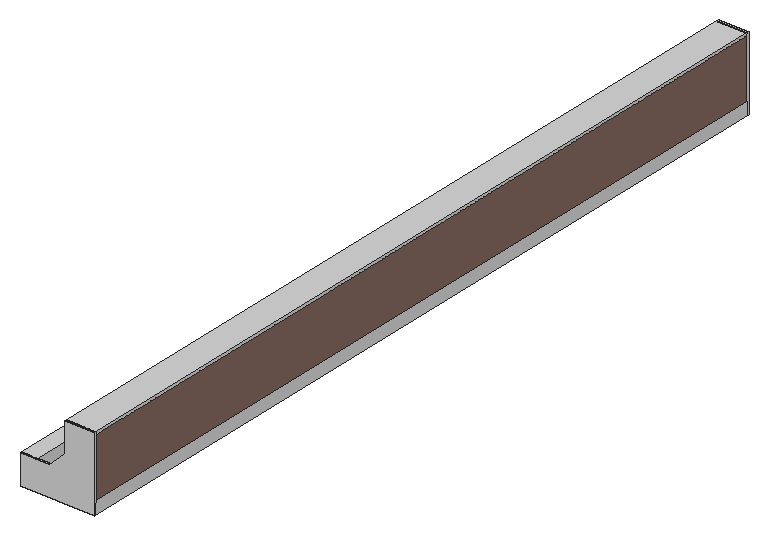
Revit family "ORMA_ORMA INSIDE CORNER 3,3_1908271", category Generic Models, Revit 2018
Family settings
  Can host rebar = No
  Round Connector Dimension = Use Diameter
  Part Type = Normal
  OmniClass Number = 35.51.14.00
  OmniClass Title = FORMWORK
  Work Plane-Based = Yes
  Always vertical = No
  Cut with Voids When Loaded = No
  Shared = Yes
  Room Calculation Point = No
Parameters
  VERSION = "20190101"  # constant formula
  URL = "www.ulmaconstruction.com/en"
  UNICLASS = ""
  ITEM_CODE = "1908271"
  Manufacturer = "ULMA CONSTRUCTION"  # constant formula
  FILTER [instance] = ""
  Default Elevation = 0.000 mm
  CLASSIFICATION_TITLE = ""
  CLASSIFICATION_NUMBER = ""
Reference planes
  plane 1 "Centro (Frontal/Posterior)": y = 0
  plane 2: z = 0
  plane 3 "Centro (Izquierda/Derecha)": x = 0
  plane 4 "ITEM_HEIGHT": y = 3300
  plane 5 "TIE HOLE 2": y = 2140
  plane 6 "TIE HOLE 1": y = 560
  plane 7: x = -227
  plane 8 "EXT HOLE 1": y = 450
  plane 9 "EXT HOLE 2": y = 1050
  plane 10 "EXT HOLE 3": y = 1650
  plane 11 "EXT HOLE 4": y = 2250
  plane 12 "EXT HOLE 5": y = 2850
  plane 13 "TIE HOLE 3": y = 3266
  plane 14 "LEFT TIES": x = -271.5
  plane 15 "RIGHT TIES": z = 271.5
  plane 16 "LEFT RIB HOLES": x = -180
  plane 17 "RIGHT RIB HOLES": z = 180
Forms (mm)
  Extrusion 1, solid, material "ULMA ZINC", detail levels fine
    sketch origin (-300, 0, 0.001) x (1, 0, 0) y (0, 0, 1)
      loop
        line (11.2, 20.001) -> (65, 20.001) -> (64.999, 26.501)
        arc (64.999, 26.501) -> (63.974, 28.976) -> (61.499, 30.001) r 3.5
        line (61.499, 30.001) -> (54.999, 30.001)
        arc (54.999, 30.001) -> (53.231, 30.733) -> (52.499, 32.501) r 2.5
        line (52.499, 32.501) -> (52.499, 48.039)
        arc (52.499, 48.039) -> (52.915, 49.421) -> (54.025, 50.344) r 2.504
        line (54.025, 50.344) -> (61.342, 53.448)
        arc (61.342, 53.448) -> (64.002, 55.66) -> (65, 58.973) r 6.001
        line (65, 58.973) -> (65, 120) -> (0, 120) -> (0, 0) -> (11.2, 0) -> (11.2, 20.001)
    from -3292 to -8
  Extrusion 2, solid, material "ULMA ZINC", detail levels fine
    sketch origin (-0.001, 0, 300) x (0, 0, -1) y (1, 0, 0)
      loop
        line (11.2, -20.001) -> (11.2, 0) -> (0, 0) -> (0, -120) -> (65, -120) -> (65, -58.973)
        arc (65, -58.973) -> (64.002, -55.66) -> (61.342, -53.448) r 6.001
        line (61.342, -53.448) -> (54.025, -50.344)
        arc (54.025, -50.344) -> (52.915, -49.421) -> (52.499, -48.039) r 2.504
        line (52.499, -48.039) -> (52.499, -32.501)
        arc (52.499, -32.501) -> (53.231, -30.733) -> (54.999, -30.001) r 2.5
        line (54.999, -30.001) -> (61.499, -30.001)
        arc (61.499, -30.001) -> (63.974, -28.976) -> (64.999, -26.501) r 3.5
        line (64.999, -26.501) -> (65, -20.001) -> (11.2, -20.001)
    from -3292 to -8
  Extrusion 3, solid, material "ULMA ZINC", detail levels fine
    sketch origin (0, 0, 0) x (1, 0, 0) y (0, 0, 1)
      loop
        line (-75, 20) -> (-50, 20) -> (-50, 0) -> (0, 0) -> (0, 50) -> (-20.001, 50) -> (-20.001, 75) -> (-23.001, 75) -> (-23.001, 47) -> (-3, 47) -> (-3, 3) -> (-47, 3) -> (-47, 23) -> (-75, 23) -> (-75, 20)
    from -3292 to -8
  Extrusion 4, solid, material "ULMA PLYWOOD", detail levels fine
    sketch origin (0, 0, 0) x (1, 0, 0) y (0, 0, 1)
      loop
        line (-288.8, 20.003) -> (-288.8, 0) -> (-50, 0) -> (-50, 20.003) -> (-288.8, 20.003)
    from -3292 to -8
  Extrusion 5, solid, material "ULMA PLYWOOD", detail levels fine
    sketch origin (0, 0, 0) x (1, 0, 0) y (0, 0, 1)
      loop
        line (-20.001, 50) -> (-0.001, 50) -> (-0.001, 288.8) -> (-20.001, 288.8) -> (-20.001, 50)
    from -3292 to -8
  Extrusion 6, solid, material "ULMA ZINC", detail levels fine
    sketch origin (0, 0, 0) x (1, 0, 0) y (0, 0, 1)
      loop
        line (-120, 300) -> (-120, 180) -> (-180, 120) -> (-300, 120) -> (-300, 0) -> (-0.001, 0) -> (-0.001, 300) -> (-120, 300)
    from -8 to 0
  Extrusion 7, solid, material "ULMA ZINC", detail levels fine
    sketch origin (0, 600, 0) x (1, 0, 0) y (0, 0, 1)
      loop
        line (-120, 300) -> (-120, 180) -> (-180, 120) -> (-300, 120) -> (-300, 0) -> (-0.001, 0) -> (-0.001, 300) -> (-120, 300)
    from -2700 to -2692
  Extrusion 8, solid, material "ULMA ZINC", detail levels fine
    sketch origin (0, 0, 0) x (1, 0, 0) y (0, 0, 1)
      loop
        line (-235, 120.001) -> (-235, 20.001) -> (-75, 20.001) -> (-75, 23) -> (-45.001, 23) -> (-45.001, 45.001) -> (-23.001, 45.001) -> (-23.001, 75) -> (-20.001, 75) -> (-20.001, 235.001) -> (-120.001, 235.001) -> (-120.001, 120.001) -> (-235, 120.001)
    from -330 to -270
  Extrusion 9, solid, material "ULMA ZINC", detail levels fine
    sketch origin (0, 300, 0) x (1, 0, 0) y (0, 0, 1)
      loop
        line (-235, 120.001) -> (-235, 20.001) -> (-75, 20.001) -> (-75, 23) -> (-45.001, 23) -> (-45.001, 45.001) -> (-23.001, 45.001) -> (-23.001, 75) -> (-20.001, 75) -> (-20.001, 235.001) -> (-120.001, 235.001) -> (-120.001, 120.001) -> (-235, 120.001)
    from -330 to -270
  Extrusion 10, solid, material "ULMA ZINC", detail levels fine
    sketch origin (0, 600, 0) x (1, 0, 0) y (0, 0, 1)
      loop
        line (-235, 120.001) -> (-235, 20.001) -> (-75, 20.001) -> (-75, 23) -> (-45.001, 23) -> (-45.001, 45.001) -> (-23.001, 45.001) -> (-23.001, 75) -> (-20.001, 75) -> (-20.001, 235.001) -> (-120.001, 235.001) -> (-120.001, 120.001) -> (-235, 120.001)
    from -330 to -270
  Extrusion 11, solid, material "ULMA ZINC", detail levels fine
    sketch origin (0, 900, 0) x (1, 0, 0) y (0, 0, 1)
      loop
        line (-235, 120.001) -> (-235, 20.001) -> (-75, 20.001) -> (-75, 23) -> (-45.001, 23) -> (-45.001, 45.001) -> (-23.001, 45.001) -> (-23.001, 75) -> (-20.001, 75) -> (-20.001, 235.001) -> (-120.001, 235.001) -> (-120.001, 120.001) -> (-235, 120.001)
    from -330 to -270
  Extrusion 12, solid, material "ULMA ZINC", detail levels fine
    sketch origin (0, 1200, 0) x (1, 0, 0) y (0, 0, 1)
      loop
        line (-235, 120.001) -> (-235, 20.001) -> (-75, 20.001) -> (-75, 23) -> (-45.001, 23) -> (-45.001, 45.001) -> (-23.001, 45.001) -> (-23.001, 75) -> (-20.001, 75) -> (-20.001, 235.001) -> (-120.001, 235.001) -> (-120.001, 120.001) -> (-235, 120.001)
    from -330 to -270
  Extrusion 13, solid, material "ULMA ZINC", detail levels fine
    sketch origin (0, 1500, 0) x (1, 0, 0) y (0, 0, 1)
      loop
        line (-235, 120.001) -> (-235, 20.001) -> (-75, 20.001) -> (-75, 23) -> (-45.001, 23) -> (-45.001, 45.001) -> (-23.001, 45.001) -> (-23.001, 75) -> (-20.001, 75) -> (-20.001, 235.001) -> (-120.001, 235.001) -> (-120.001, 120.001) -> (-235, 120.001)
    from -330 to -270
  Extrusion 14, solid, material "ULMA ZINC", detail levels fine
    sketch origin (0, 1800, 0) x (1, 0, 0) y (0, 0, 1)
      loop
        line (-235, 120.001) -> (-235, 20.001) -> (-75, 20.001) -> (-75, 23) -> (-45.001, 23) -> (-45.001, 45.001) -> (-23.001, 45.001) -> (-23.001, 75) -> (-20.001, 75) -> (-20.001, 235.001) -> (-120.001, 235.001) -> (-120.001, 120.001) -> (-235, 120.001)
    from -330 to -270
  Extrusion 15, solid, material "ULMA ZINC", detail levels fine
    sketch origin (0, 2700, 0) x (1, 0, 0) y (0, 0, 1)
      loop
        line (-235, 120.001) -> (-235, 20.001) -> (-75, 20.001) -> (-75, 23) -> (-45.001, 23) -> (-45.001, 45.001) -> (-23.001, 45.001) -> (-23.001, 75) -> (-20, 75) -> (-20, 235.001) -> (-120.001, 235.001) -> (-120.001, 120.001) -> (-235, 120.001)
    from -330 to -270
  Extrusion 16, solid, material "ULMA ZINC", detail levels fine
    sketch origin (0, 2400, 0) x (1, 0, 0) y (0, 0, 1)
      loop
        line (-235, 120.001) -> (-235, 20.001) -> (-75, 20.001) -> (-75, 23) -> (-45.001, 23) -> (-45.001, 45.001) -> (-23.001, 45.001) -> (-23.001, 75) -> (-20, 75) -> (-20, 235.001) -> (-120.001, 235.001) -> (-120.001, 120.001) -> (-235, 120.001)
    from -330 to -270
  Extrusion 17, solid, material "ULMA ZINC", detail levels fine
    sketch origin (0, 2100, 0) x (1, 0, 0) y (0, 0, 1)
      loop
        line (-235, 120.001) -> (-235, 20.001) -> (-75, 20.001) -> (-75, 23) -> (-45.001, 23) -> (-45.001, 45.001) -> (-23.001, 45.001) -> (-23.001, 75) -> (-20, 75) -> (-20, 235.001) -> (-120.001, 235.001) -> (-120.001, 120.001) -> (-235, 120.001)
    from -330 to -270
  Extrusion 18, solid, material "ULMA ZINC", detail levels fine
    sketch origin (0, 0, 0) x (0, 1, 0) y (0, 0, 1)
      loop
        circle (2850, 85) r 19
    from -235 to -227
  Extrusion 19, solid, material "ULMA ZINC", detail levels fine
    sketch origin (0, -600, 0) x (0, 1, 0) y (0, 0, 1)
      loop
        circle (2850, 85) r 19
    from -235 to -227
  Extrusion 20, solid, material "ULMA ZINC", detail levels fine
    sketch origin (0, -1200, 0) x (0, 1, 0) y (0, 0, 1)
      loop
        circle (2850, 85) r 19
    from -235 to -227
  Extrusion 21, solid, material "ULMA ZINC", detail levels fine
    sketch origin (0, -1800, 0) x (0, 1, 0) y (0, 0, 1)
      loop
        circle (2850, 85) r 19
    from -235 to -227
  Extrusion 22, solid, material "ULMA ZINC", detail levels fine
    sketch origin (0, -2400, 0) x (0, 1, 0) y (0, 0, 1)
      loop
        circle (2850, 85) r 19
    from -235 to -227
  Extrusion 23, solid, material "ULMA ZINC", detail levels fine
    sketch origin (0, 0, 0) x (0, 1, 0) y (0, 0, 1)
      loop
        line (3267, 45.003) -> (3267, 20.003) -> (3292, 20.003) -> (3292, 45.003) -> (3267, 45.003)
    from -235 to -75
  Extrusion 24, solid, material "ULMA ZINC", detail levels fine
    sketch origin (0, 0, 0) x (0, 1, 0) y (0, 0, 1)
      loop
        line (8, 20.003) -> (33, 20.003) -> (33, 45.003) -> (8, 45.003) -> (8, 20.003)
    from -235 to -75
  Extrusion 25, solid, material "ULMA ZINC", detail levels fine
    sketch origin (0, 0, 0) x (1, 0, 0) y (0, 1, 0)
      loop
        line (-45.001, 33) -> (-45.001, 8) -> (-20.001, 8) -> (-20.001, 33) -> (-45.001, 33)
    from 75 to 235
  Extrusion 26, solid, material "ULMA ZINC", detail levels fine
    sketch origin (0, 0, 0) x (1, 0, 0) y (0, 1, 0)
      loop
        line (-45.001, 3292) -> (-45.001, 3267) -> (-20.001, 3267) -> (-20.001, 3292) -> (-45.001, 3292)
    from 75 to 235
  Extrusion 27, solid, material "ULMA ZINC", detail levels fine
    sketch origin (0, 0, 0) x (1, 0, 0) y (0, 1, 0)
      loop
        circle (-84.999, 2850) r 19
    from 227.001 to 235
  Extrusion 28, solid, material "ULMA ZINC", detail levels fine
    sketch origin (0, -600, 0) x (1, 0, 0) y (0, 1, 0)
      loop
        circle (-84.999, 2850) r 19
    from 227.001 to 235
  Extrusion 29, solid, material "ULMA ZINC", detail levels fine
    sketch origin (0, -1200, 0) x (1, 0, 0) y (0, 1, 0)
      loop
        circle (-84.999, 2850) r 19
    from 227.001 to 235
  Extrusion 30, solid, material "ULMA ZINC", detail levels fine
    sketch origin (0, -1800, 0) x (1, 0, 0) y (0, 1, 0)
      loop
        circle (-84.999, 2850) r 19
    from 227.001 to 235
  Extrusion 31, solid, material "ULMA ZINC", detail levels fine
    sketch origin (0, -2400, 0) x (1, 0, 0) y (0, 1, 0)
      loop
        circle (-84.999, 2850) r 19
    from 227.001 to 235
  Extrusion 32, solid, material "ULMA ZINC", detail levels coarse+medium
    sketch origin (0, 0, 0) x (1, 0, 0) y (0, 0, 1)
      loop
        line (-300, 0) -> (-0.001, 0) -> (-0.001, 300) -> (-120, 300) -> (-120, 120) -> (-300, 120) -> (-300, 0)
    from 0 to -3300
Lines and regions (mm)
  model lines, style "ULMA PANELS", detail levels fine
    curve 1: circle (-15, 0, 15) r 10 normal (0, -1, 0)
    curve 2: circle (-180.001, 0, 80.001) r 10 normal (0, -1, 0)
    curve 3: circle (-80.001, 0, 180.001) r 10 normal (0, -1, 0)
    curve 4: circle (-15, 8, 15) r 10 normal (0, -1, 0)
    curve 5: circle (-180, 8, 80.001) r 10 normal (0, -1, 0)
    curve 6: circle (-80.001, 8, 180.001) r 10 normal (0, -1, 0)
    curve 7: circle (-15, 3292, 15) r 10 normal (0, -1, 0)
    curve 8: circle (-180.001, 3292, 80.001) r 10 normal (0, -1, 0)
    curve 9: circle (-80.001, 3292, 180.001) r 10 normal (0, -1, 0)
    curve 10: circle (-15, 3300, 15) r 10 normal (0, -1, 0)
    curve 11: circle (-180.001, 3300, 80.001) r 10 normal (0, -1, 0)
    curve 12: circle (-80.001, 3300, 180.001) r 10 normal (0, -1, 0)
    curve 13: arc (-256, 3273.5, 120.001) -> (-271.5, 3289, 120.001) -> (-287, 3273.5, 120.001) r 15.5
    curve 14: line (-287, 3258.5, 120.001) -> (-287, 3273.5, 120.001)
    curve 15: line (-256, 3273.5, 120.001) -> (-256, 3258.5, 120.001)
    curve 16: arc (-287, 3258.5, 120.001) -> (-271.5, 3243, 120.001) -> (-256, 3258.5, 120.001) r 15.5
    curve 17: circle (-271.5, 3266, 120.001) r 13 normal (0, 0, 1)
    curve 18: arc (-256, 567.5, 120.001) -> (-271.5, 583, 120.001) -> (-287, 567.5, 120.001) r 15.5
    curve 19: line (-287, 552.5, 120.001) -> (-287, 567.5, 120.001)
    curve 20: line (-256, 567.5, 120.001) -> (-256, 552.5, 120.001)
    curve 21: arc (-287, 552.5, 120.001) -> (-271.5, 537, 120.001) -> (-256, 552.5, 120.001) r 15.5
    curve 22: circle (-271.5, 560, 120.001) r 13 normal (0, 0, 1)
    curve 23: circle (-271.5, 3266, 0) r 13 normal (0, 0, 1)
    curve 24: circle (-271.5, 560, 0) r 13 normal (0, 0, 1)
    curve 25: arc (-256, 2147.5, 120.001) -> (-271.5, 2163, 120.001) -> (-287, 2147.5, 120.001) r 15.5
    curve 26: line (-287, 2132.5, 120.001) -> (-287, 2147.5, 120.001)
    curve 27: line (-256, 2147.5, 120.001) -> (-256, 2132.5, 120.001)
    curve 28: arc (-287, 2132.5, 120.001) -> (-271.5, 2117, 120.001) -> (-256, 2132.5, 120.001) r 15.5
    curve 29: circle (-271.5, 2140, 120.001) r 13 normal (0, 0, 1)
    curve 30: circle (-271.5, 2140, 0) r 13 normal (0, 0, 1)
    curve 31: arc (-120.001, 2147.5, 287) -> (-120.001, 2163, 271.5) -> (-120.001, 2147.5, 256) r 15.5
    curve 32: line (-120.001, 2132.5, 256) -> (-120.001, 2147.5, 256)
    curve 33: line (-120.001, 2147.5, 287) -> (-120.001, 2132.5, 287)
    curve 34: arc (-120.001, 2132.5, 256) -> (-120.001, 2117, 271.5) -> (-120.001, 2132.5, 287) r 15.5
    curve 35: circle (-120.001, 2140, 271.5) r 13 normal (-1, 0, 0)
    curve 36: circle (0, 2140, 271.5) r 13 normal (-1, 0, 0)
    curve 37: arc (-120.001, 567.5, 287) -> (-120.001, 583, 271.5) -> (-120.001, 567.5, 256) r 15.5
    curve 38: line (-120.001, 552.5, 256) -> (-120.001, 567.5, 256)
    curve 39: line (-120.001, 567.5, 287) -> (-120.001, 552.5, 287)
    curve 40: arc (-120.001, 552.5, 256) -> (-120.001, 537, 271.5) -> (-120.001, 552.5, 287) r 15.5
    curve 41: circle (-120.001, 560, 271.5) r 13 normal (-1, 0, 0)
    curve 42: circle (0, 560, 271.5) r 13 normal (-1, 0, 0)
    curve 43: arc (-120.001, 3273.5, 287) -> (-120.001, 3289, 271.5) -> (-120.001, 3273.5, 256) r 15.5
    curve 44: line (-120.001, 3258.5, 256) -> (-120.001, 3273.5, 256)
    curve 45: line (-120.001, 3273.5, 287) -> (-120.001, 3258.5, 287)
    curve 46: arc (-120.001, 3258.5, 256) -> (-120.001, 3243, 271.5) -> (-120.001, 3258.5, 287) r 15.5
    curve 47: circle (-120.001, 3266, 271.5) r 13 normal (-1, 0, 0)
    curve 48: circle (0, 3266, 271.5) r 13 normal (-1, 0, 0)
    curve 49: circle (-180, 270, 80.001) r 10.25 normal (0, -1, 0)
    curve 50: circle (-80.001, 270, 180) r 10.25 normal (0, -1, 0)
    curve 51: circle (-180, 330, 80.001) r 10.25 normal (0, -1, 0)
    curve 52: circle (-80.001, 330, 180) r 10.25 normal (0, -1, 0)
    curve 53: circle (-180.001, 570, 80.001) r 10.25 normal (0, -1, 0)
    curve 54: circle (-80.001, 570, 180.001) r 10.25 normal (0, -1, 0)
    curve 55: circle (-180.001, 630, 80.001) r 10.25 normal (0, -1, 0)
    curve 56: circle (-80.001, 630, 180.001) r 10.25 normal (0, -1, 0)
    curve 57: circle (-180.001, 870, 80.001) r 10.25 normal (0, -1, 0)
    curve 58: circle (-80.001, 870, 180.001) r 10.25 normal (0, -1, 0)
    curve 59: circle (-180.001, 930, 80.001) r 10.25 normal (0, -1, 0)
    curve 60: circle (-80.001, 930, 180.001) r 10.25 normal (0, -1, 0)
    curve 61: circle (-180.001, 1170, 80.001) r 10.25 normal (0, -1, 0)
    curve 62: circle (-80.001, 1170, 180.001) r 10.25 normal (0, -1, 0)
    curve 63: circle (-180.001, 1230, 80.001) r 10.25 normal (0, -1, 0)
    curve 64: circle (-80.001, 1230, 180.001) r 10.25 normal (0, -1, 0)
    curve 65: circle (-180.001, 1470, 80.001) r 10.25 normal (0, -1, 0)
    curve 66: circle (-80.001, 1470, 180.001) r 10.25 normal (0, -1, 0)
    curve 67: circle (-180.001, 1530, 80.001) r 10.25 normal (0, -1, 0)
    curve 68: circle (-80.001, 1530, 180.001) r 10.25 normal (0, -1, 0)
    curve 69: circle (-180.001, 1770, 80.001) r 10.25 normal (0, -1, 0)
    curve 70: circle (-80.001, 1770, 180.001) r 10.25 normal (0, -1, 0)
    curve 71: circle (-180.001, 1830, 80.001) r 10.25 normal (0, -1, 0)
    curve 72: circle (-80.001, 1830, 180.001) r 10.25 normal (0, -1, 0)
    curve 73: circle (-180.001, 2070, 80.001) r 10.25 normal (0, -1, 0)
    curve 74: circle (-80.001, 2070, 180.001) r 10.25 normal (0, -1, 0)
    curve 75: circle (-180.001, 2130, 80.001) r 10.25 normal (0, -1, 0)
    curve 76: circle (-80.001, 2130, 180.001) r 10.25 normal (0, -1, 0)
    curve 77: circle (-180.001, 2970, 80.001) r 10.25 normal (0, -1, 0)
    curve 78: circle (-80.001, 2970, 180.001) r 10.25 normal (0, -1, 0)
    curve 79: circle (-180.001, 3030, 80.001) r 10.25 normal (0, -1, 0)
    curve 80: circle (-80.001, 3030, 180.001) r 10.25 normal (0, -1, 0)
    curve 81: circle (-180.001, 2670, 80.001) r 10.25 normal (0, -1, 0)
    curve 82: circle (-80.001, 2670, 180.001) r 10.25 normal (0, -1, 0)
    curve 83: circle (-180.001, 2730, 80.001) r 10.25 normal (0, -1, 0)
    curve 84: circle (-80.001, 2730, 180.001) r 10.25 normal (0, -1, 0)
    curve 85: circle (-180.001, 2370, 80.001) r 10.25 normal (0, -1, 0)
    curve 86: circle (-80.001, 2370, 180.001) r 10.25 normal (0, -1, 0)
    curve 87: circle (-180.001, 2430, 80.001) r 10.25 normal (0, -1, 0)
    curve 88: circle (-80.001, 2430, 180.001) r 10.25 normal (0, -1, 0)
    curve 89: circle (-227, 2850, 85) r 11 normal (1, 0, 0)
    curve 90: circle (-300, 2850, 85) r 11 normal (1, 0, 0)
    curve 91: circle (-227, 2250, 85) r 11 normal (1, 0, 0)
    curve 92: circle (-300, 2250, 85) r 11 normal (1, 0, 0)
    curve 93: circle (-227, 1650, 85) r 11 normal (1, 0, 0)
    curve 94: circle (-300, 1650, 85) r 11 normal (1, 0, 0)
    curve 95: circle (-227, 1050, 85) r 11 normal (1, 0, 0)
    curve 96: circle (-300, 1050, 85) r 11 normal (1, 0, 0)
    curve 97: circle (-227, 450, 85) r 11 normal (1, 0, 0)
    curve 98: circle (-300, 450, 85) r 11 normal (1, 0, 0)
    curve 99: circle (-84.999, 2850, 227.001) r 11 normal (0, 0, 1)
    curve 100: circle (-84.999, 2850, 300) r 11 normal (0, 0, 1)
    curve 101: circle (-84.999, 2250, 227.001) r 11 normal (0, 0, 1)
    curve 102: circle (-84.999, 2250, 300) r 11 normal (0, 0, 1)
    curve 103: circle (-84.999, 1650, 227.001) r 11 normal (0, 0, 1)
    curve 104: circle (-84.999, 1650, 300) r 11 normal (0, 0, 1)
    curve 105: circle (-84.999, 1050, 227.001) r 11 normal (0, 0, 1)
    curve 106: circle (-84.999, 1050, 300) r 11 normal (0, 0, 1)
    curve 107: circle (-84.999, 450, 227.001) r 11 normal (0, 0, 1)
    curve 108: circle (-84.999, 450, 300) r 11 normal (0, 0, 1)
Dimensions and locks
  locked: plane 1 "Centro (Frontal/Posterior)" to plane 4 "ITEM_HEIGHT" at 3300
  locked: Extrusion 23 sketch curve to Extrusion 23 sketch curve at 25  (x2)
  locked: Extrusion 24 sketch curve to Extrusion 24 sketch curve at 25  (x2)
  locked: Extrusion 25 sketch curve to Extrusion 25 sketch curve at 25  (x2)
  locked: Extrusion 26 sketch curve to Extrusion 26 sketch curve at 25  (x2)
  aligned and locked: level to plane 2
  aligned and locked: plane 1 "Centro (Frontal/Posterior)" to Extrusion 6
  aligned and locked: plane 4 "ITEM_HEIGHT" to Extrusion 7
  aligned and locked: Extrusion 18 to Extrusion 1
  aligned and locked: Extrusion 23 to Extrusion 1
  aligned and locked: Extrusion 23 to Extrusion 3
  aligned and locked: Extrusion 24 to Extrusion 1
  aligned and locked: Extrusion 24 to Extrusion 3
  aligned and locked: Extrusion 25 to Extrusion 3
  aligned and locked: Extrusion 25 to Extrusion 2
  aligned and locked: Extrusion 26 to Extrusion 3
  aligned and locked: Extrusion 26 to Extrusion 2
  aligned and locked: Extrusion 27 to Extrusion 2
  aligned and locked: plane 4 "ITEM_HEIGHT" to Extrusion 32
